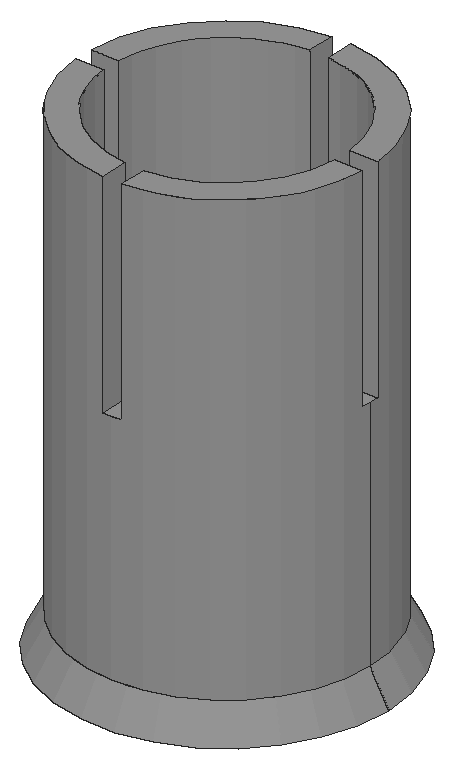
Revit family "Einschlaganker ES M 12x25", category Generic Models, Revit 2017
Family settings
  Can host rebar = No
  Round Connector Dimension = Use Diameter
  Part Type = Normal
  Work Plane-Based = No
  Always vertical = Yes
  Cut with Voids When Loaded = No
  Shared = No
  Room Calculation Point = No
Parameters (values of type "ES M 12x25")
  URL = "http://www.obo-bettermann.com"
  Material = Electrogalvanised
  Manufacturer Art.No. = "3492025"
  Manufacturer = "OBO BETTERMANN"
  GTIN = "4012196709663"
  Article Type = "ES M 12x25"
Reference planes
  plane 1 "Center (Front/Back)": y = 0
  plane 2: z = 0
  plane 3 "Center (Left/Right)": x = 0
  plane 4: z = 25
  plane 5: x = -8.4
  plane 6: x = 8.4
  plane 7: z = 1.73
  plane 8: z = 14
  plane 9: z = 14
  plane 10: through (0, 0, 1200) normal (-0.7071, -0.7071, 0)
  plane 11: z = 14
  plane 12: z = 14
Forms (mm)
  Extrusion 1, solid, material "Electrogalvanised" <- "Material"
    sketch origin (0, 0, 0) x (1, 0, 0) y (0, 1, 0)
      loop
        circle (0, 0) r 7.45
      loop
        circle (0, 0) r 6.017
    from 1.73 to 25
  Revolve 2, solid, material "Electrogalvanised" <- "Material"
    sketch origin (0, 0, 0) x (1, 0, 0) y (0, 0, 1)
      loop
        line (6.019, 1.73) -> (6.019, 0) -> (8.4, 0) -> (7.45, 1.73) -> (6.019, 1.73)
      axis (0, 1.73) -> (0, 0)
    angle from 0 to 360
  Extrusion 3, void
    sketch origin (0, 0, 0) x (1, 0, 0) y (0, 0, 1)
      loop
        line (-0.5, 25) -> (-0.5, 14) -> (0.5, 14) -> (0.5, 25) -> (-0.5, 25)
    from 5.747 to 8.511
  Extrusion 4, void
    sketch origin (0, 0, 0) x (1, 0, 0) y (0, 0, -1)
      loop
        line (-0.5, -25) -> (0.5, -25) -> (0.5, -14) -> (-0.5, -14) -> (-0.5, -25)
    from 5.747 to 8.511
  Extrusion 5, void
    sketch origin (0, 0, 0) x (0, -1, 0) y (0, 0, 1)
      loop
        line (-0.5, 25) -> (-0.5, 14) -> (0.5, 14) -> (0.5, 25) -> (-0.5, 25)
    from 5.747 to 8.511
  Extrusion 6, void
    sketch origin (0, 0, 0) x (0, -1, 0) y (0, 0, -1)
      loop
        line (-0.5, -25) -> (0.5, -25) -> (0.5, -14) -> (-0.5, -14) -> (-0.5, -25)
    from 5.747 to 8.511
Cuts and joins
  Extrusion 3, Extrusion 4, Extrusion 5, Extrusion 6 cuts Extrusion 1
Dimensions and locks
  locked: plane 3 "Center (Left/Right)" to Extrusion 1 sketch curve  (x2)
  locked: plane 3 "Center (Left/Right)" to Extrusion 1 sketch curve at 6.017
  locked: plane 3 "Center (Left/Right)" to Extrusion 1 sketch curve at 7.45
  locked: Extrusion 1 to level at 1.73
  locked: Extrusion 1 to Extrusion 1 at 23.27
  locked: Revolve 2 sketch curve to Revolve 2 sketch curve at 1.431
  locked: Revolve 2 sketch curve to Revolve 2 sketch curve at 2.381
  locked: Extrusion 1 to Revolve 2 sketch curve at 1.73
  locked: Extrusion 1 to Revolve 2 at 25
  locked: Extrusion 3 sketch curve to Extrusion 3 sketch curve at 1  (x2)
  locked: plane 3 "Center (Left/Right)" to Extrusion 3 sketch curve at 0.5
  locked: Extrusion 1 to Extrusion 3 sketch curve at 11
  locked: Extrusion 4 sketch curve to Extrusion 4 sketch curve at 1  (x2)
  locked: Extrusion 5 sketch curve to Extrusion 5 sketch curve at 1  (x2)
  locked: Extrusion 6 sketch curve to Extrusion 6 sketch curve at 1  (x2)
  aligned and locked: level to plane 2
  aligned and locked: plane 4 to Extrusion 1
  aligned and locked: Extrusion 1 to plane 7
  aligned and locked: Revolve 2 sketch curve to plane 3 "Center (Left/Right)"
  aligned and locked: Revolve 2 sketch curve to plane 7
  aligned and locked: level to Revolve 2 sketch curve
  aligned and locked: Extrusion 1 to Extrusion 3
